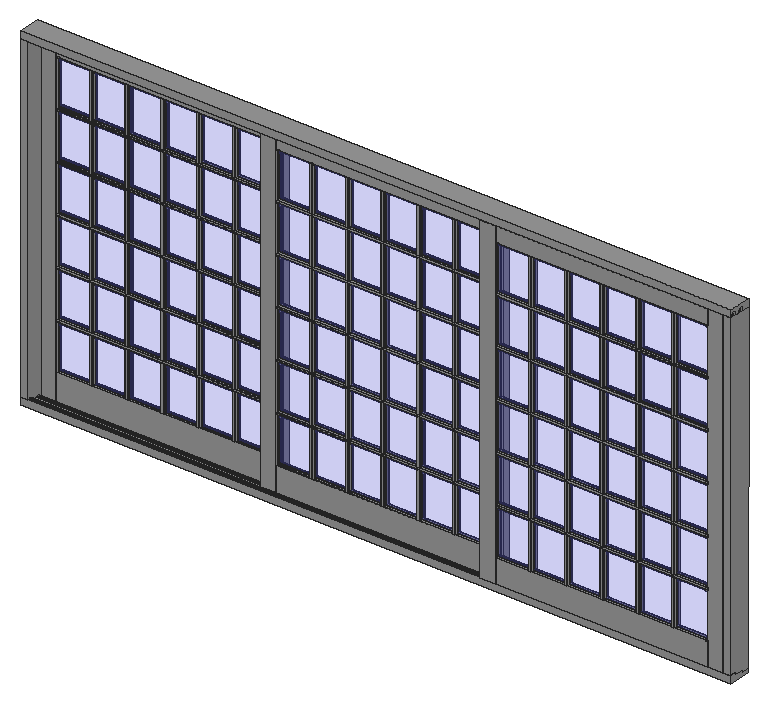
Revit family "VSD4.4SPTS LH", category Doors, host Wall, Revit 2015 (continued)
Automatic sketch dimensions
  Extrusion 59 sketch curve to Extrusion 59 sketch curve = 13 mm  (x34)
  Extrusion 59 sketch curve to Extrusion 59 sketch curve = 211.05 mm  (x12)
  plane 2 "Center (Left/Right)" to Extrusion 59 sketch curve = 6.483 mm  (x6)
  Extrusion 59 sketch curve to plane 2 "Center (Left/Right)" = 6.517 mm  (x6)
  Extrusion 59 sketch curve to Extrusion 59 sketch curve = 13.01 mm  (x6)
  Extrusion 59 sketch curve to Extrusion 59 sketch curve = 211.04 mm  (x4)
  Extrusion 59 sketch curve to Extrusion 59 sketch curve = 0.012 mm  (x4)
  Extrusion 59 sketch curve to Extrusion 59 sketch curve = 284 mm  (x7)
  Extrusion 59 sketch curve to Extrusion 59 sketch curve = 13.012 mm  (x2)
  plane 5 to Extrusion 59 sketch curve = 141 mm
  host wall to Extrusion 60 sketch curve = 6 mm
  plane 2 "Center (Left/Right)" to Extrusion 60 sketch curve = 463.583 mm
  Extrusion 60 sketch curve to Extrusion 60 sketch curve = 2 mm  (x25)
  Extrusion 60 sketch curve to Extrusion 60 sketch curve = 6.759 mm  (x9)
  Extrusion 60 sketch curve to Extrusion 60 sketch curve = 0.241 mm  (x14)
  host wall to Extrusion 60 sketch curve = 4 mm  (x9)
  Extrusion 60 sketch curve to Extrusion 60 sketch curve = 13 mm  (x4)
  Extrusion 60 sketch curve to Extrusion 60 sketch curve = 0 mm  (x4)
  Extrusion 60 sketch curve to Extrusion 60 sketch curve = 193.05 mm  (x3)
  plane 2 "Center (Left/Right)" to Extrusion 60 sketch curve = 15.483 mm
  plane 2 "Center (Left/Right)" to Extrusion 60 sketch curve = 6.724 mm
  plane 2 "Center (Left/Right)" to Extrusion 60 sketch curve = 6.483 mm
  Extrusion 60 sketch curve to plane 2 "Center (Left/Right)" = 6.517 mm  (x2)
  Extrusion 60 sketch curve to host wall = 26 mm  (x5)
  Extrusion 60 sketch curve to Extrusion 60 sketch curve = 1.197 mm  (x10)
  Sweep 61 sketch curve to plane 2 "Center (Left/Right)" = 230.567 mm
  Sweep 61 sketch curve to Sweep 61 sketch curve = 211.05 mm
  plane 5 to Sweep 61 sketch curve = 141 mm
  Sweep 61 sketch curve to Sweep 61 sketch curve = 284 mm
  Sweep 61 sketch curve to profile plane = 0 mm
  Sweep 61 sketch curve to profile plane = 0.241 mm
  Sweep 61 sketch curve to Sweep 61 sketch curve = 6.759 mm
  Sweep 61 sketch curve to Sweep 61 sketch curve = 2 mm  (x2)
  Sweep 61 sketch curve to profile plane = 132.5 mm
  Sweep 61 sketch curve to Sweep 61 sketch curve = 6 mm
  Sweep 62 sketch curve to plane 2 "Center (Left/Right)" = 6.517 mm
  Sweep 62 sketch curve to Sweep 62 sketch curve = 211.05 mm
  plane 5 to Sweep 62 sketch curve = 141 mm
  Sweep 62 sketch curve to Sweep 62 sketch curve = 284 mm
  Sweep 62 sketch curve to profile plane = 0 mm
  Sweep 62 sketch curve to profile plane = 0.241 mm
  Sweep 62 sketch curve to Sweep 62 sketch curve = 6.759 mm
  Sweep 62 sketch curve to Sweep 62 sketch curve = 2 mm  (x2)
  Sweep 62 sketch curve to profile plane = 132.5 mm
  Sweep 62 sketch curve to Sweep 62 sketch curve = 6 mm
  plane 2 "Center (Left/Right)" to Sweep 63 sketch curve = 217.533 mm
  plane 2 "Center (Left/Right)" to Sweep 63 sketch curve = 6.483 mm
  plane 5 to Sweep 63 sketch curve = 141 mm
  Sweep 63 sketch curve to Sweep 63 sketch curve = 284 mm
  Sweep 63 sketch curve to profile plane = 0 mm
  Sweep 63 sketch curve to profile plane = 0.241 mm
  Sweep 63 sketch curve to Sweep 63 sketch curve = 6.759 mm
  Sweep 63 sketch curve to Sweep 63 sketch curve = 2 mm  (x2)
  Sweep 63 sketch curve to profile plane = 132.5 mm
  Sweep 63 sketch curve to Sweep 63 sketch curve = 6 mm
  plane 2 "Center (Left/Right)" to Sweep 64 sketch curve = 441.583 mm
  Sweep 64 sketch curve to Sweep 64 sketch curve = 211.05 mm
  plane 5 to Sweep 64 sketch curve = 141 mm
  Sweep 64 sketch curve to Sweep 64 sketch curve = 284 mm
  Sweep 64 sketch curve to profile plane = 0 mm
  Sweep 64 sketch curve to profile plane = 0.241 mm
  Sweep 64 sketch curve to Sweep 64 sketch curve = 6.759 mm
  Sweep 64 sketch curve to Sweep 64 sketch curve = 2 mm  (x2)
  Sweep 64 sketch curve to profile plane = 132.5 mm
  Sweep 64 sketch curve to Sweep 64 sketch curve = 6 mm
  plane 2 "Center (Left/Right)" to Sweep 65 sketch curve = 665.633 mm
  Sweep 65 sketch curve to Sweep 65 sketch curve = 211.05 mm
  plane 5 to Sweep 65 sketch curve = 141 mm
  Sweep 65 sketch curve to Sweep 65 sketch curve = 284 mm
  Sweep 65 sketch curve to profile plane = 0 mm
  Sweep 65 sketch curve to profile plane = 0.241 mm
  Sweep 65 sketch curve to Sweep 65 sketch curve = 6.759 mm
  Sweep 65 sketch curve to Sweep 65 sketch curve = 2 mm  (x2)
  Sweep 65 sketch curve to profile plane = 132.5 mm
  Sweep 65 sketch curve to Sweep 65 sketch curve = 6 mm
  Sweep 66 sketch curve to Sweep 66 sketch curve = 211.05 mm
  plane 5 to Sweep 66 sketch curve = 438 mm
  Sweep 66 sketch curve to Sweep 66 sketch curve = 284 mm
  Sweep 66 sketch curve to profile plane = 0 mm
  Sweep 66 sketch curve to profile plane = 0.241 mm
  Sweep 66 sketch curve to Sweep 66 sketch curve = 6.759 mm
  Sweep 66 sketch curve to Sweep 66 sketch curve = 2 mm  (x2)
  Sweep 66 sketch curve to profile plane = 132.5 mm
  Sweep 66 sketch curve to Sweep 66 sketch curve = 6 mm
  host wall to Extrusion 67 sketch curve = 6 mm
  plane 2 "Center (Left/Right)" to Extrusion 67 sketch curve = 463.583 mm
  Extrusion 67 sketch curve to Extrusion 67 sketch curve = 2 mm  (x25)
  Extrusion 67 sketch curve to Extrusion 67 sketch curve = 6.759 mm  (x9)
  Extrusion 67 sketch curve to Extrusion 67 sketch curve = 0.241 mm  (x14)
  host wall to Extrusion 67 sketch curve = 4 mm  (x9)
  Extrusion 67 sketch curve to Extrusion 67 sketch curve = 13 mm  (x4)
  Extrusion 67 sketch curve to Extrusion 67 sketch curve = 0 mm  (x4)
  Extrusion 67 sketch curve to Extrusion 67 sketch curve = 193.05 mm  (x3)
  plane 2 "Center (Left/Right)" to Extrusion 67 sketch curve = 15.483 mm
  plane 2 "Center (Left/Right)" to Extrusion 67 sketch curve = 6.724 mm
  plane 2 "Center (Left/Right)" to Extrusion 67 sketch curve = 6.483 mm
  Extrusion 67 sketch curve to plane 2 "Center (Left/Right)" = 6.517 mm  (x2)
  Extrusion 67 sketch curve to host wall = 26 mm  (x5)
  Extrusion 67 sketch curve to Extrusion 67 sketch curve = 1.197 mm  (x10)
  Sweep 68 sketch curve to plane 2 "Center (Left/Right)" = 230.567 mm
  Sweep 68 sketch curve to Sweep 68 sketch curve = 211.05 mm
  plane 5 to Sweep 68 sketch curve = 438 mm
  Sweep 68 sketch curve to Sweep 68 sketch curve = 284 mm
  Sweep 68 sketch curve to profile plane = 0 mm
  Sweep 68 sketch curve to profile plane = 0.241 mm
  Sweep 68 sketch curve to Sweep 68 sketch curve = 6.759 mm
  Sweep 68 sketch curve to Sweep 68 sketch curve = 2 mm  (x2)
  Sweep 68 sketch curve to profile plane = 132.5 mm
  Sweep 68 sketch curve to Sweep 68 sketch curve = 6 mm
  Sweep 69 sketch curve to plane 2 "Center (Left/Right)" = 6.517 mm
  Sweep 69 sketch curve to Sweep 69 sketch curve = 211.05 mm
  plane 5 to Sweep 69 sketch curve = 438 mm
  Sweep 69 sketch curve to Sweep 69 sketch curve = 284 mm
  Sweep 69 sketch curve to profile plane = 0 mm
  Sweep 69 sketch curve to profile plane = 0.241 mm
  Sweep 69 sketch curve to Sweep 69 sketch curve = 6.759 mm
  Sweep 69 sketch curve to Sweep 69 sketch curve = 2 mm  (x2)
  Sweep 69 sketch curve to profile plane = 132.5 mm
  Sweep 69 sketch curve to Sweep 69 sketch curve = 6 mm
  plane 2 "Center (Left/Right)" to Sweep 70 sketch curve = 217.533 mm
  plane 2 "Center (Left/Right)" to Sweep 70 sketch curve = 6.483 mm
  plane 5 to Sweep 70 sketch curve = 438 mm
  Sweep 70 sketch curve to Sweep 70 sketch curve = 284 mm
  Sweep 70 sketch curve to profile plane = 0 mm
  Sweep 70 sketch curve to profile plane = 0.241 mm
  Sweep 70 sketch curve to Sweep 70 sketch curve = 6.759 mm
  Sweep 70 sketch curve to Sweep 70 sketch curve = 2 mm  (x2)
  Sweep 70 sketch curve to profile plane = 132.5 mm
  Sweep 70 sketch curve to Sweep 70 sketch curve = 6 mm
  plane 2 "Center (Left/Right)" to Sweep 71 sketch curve = 441.583 mm
  Sweep 71 sketch curve to Sweep 71 sketch curve = 211.05 mm
  plane 5 to Sweep 71 sketch curve = 438 mm
  Sweep 71 sketch curve to Sweep 71 sketch curve = 284 mm
  Sweep 71 sketch curve to profile plane = 0 mm
  Sweep 71 sketch curve to profile plane = 0.241 mm
  Sweep 71 sketch curve to Sweep 71 sketch curve = 6.759 mm
  Sweep 71 sketch curve to Sweep 71 sketch curve = 2 mm  (x2)
  Sweep 71 sketch curve to profile plane = 132.5 mm
  Sweep 71 sketch curve to Sweep 71 sketch curve = 6 mm
  plane 2 "Center (Left/Right)" to Sweep 72 sketch curve = 665.633 mm
  Sweep 72 sketch curve to Sweep 72 sketch curve = 211.05 mm
  plane 5 to Sweep 72 sketch curve = 438 mm
  Sweep 72 sketch curve to Sweep 72 sketch curve = 284 mm
  Sweep 72 sketch curve to profile plane = 0 mm
  Sweep 72 sketch curve to profile plane = 0.241 mm
  Sweep 72 sketch curve to Sweep 72 sketch curve = 6.759 mm
  Sweep 72 sketch curve to Sweep 72 sketch curve = 2 mm  (x2)
  Sweep 72 sketch curve to profile plane = 132.5 mm
  Sweep 72 sketch curve to Sweep 72 sketch curve = 6 mm
  Sweep 73 sketch curve to Sweep 73 sketch curve = 211.05 mm
  plane 5 to Sweep 73 sketch curve = 735 mm
  Sweep 73 sketch curve to Sweep 73 sketch curve = 284 mm
  Sweep 73 sketch curve to profile plane = 0 mm
  Sweep 73 sketch curve to profile plane = 0.241 mm
  Sweep 73 sketch curve to Sweep 73 sketch curve = 6.759 mm
  Sweep 73 sketch curve to Sweep 73 sketch curve = 2 mm  (x2)
  Sweep 73 sketch curve to profile plane = 132.5 mm
  Sweep 73 sketch curve to Sweep 73 sketch curve = 6 mm
  host wall to Extrusion 74 sketch curve = 6 mm
  plane 2 "Center (Left/Right)" to Extrusion 74 sketch curve = 463.583 mm
  Extrusion 74 sketch curve to Extrusion 74 sketch curve = 2 mm  (x25)
  Extrusion 74 sketch curve to Extrusion 74 sketch curve = 6.759 mm  (x9)
  Extrusion 74 sketch curve to Extrusion 74 sketch curve = 0.241 mm  (x14)
  host wall to Extrusion 74 sketch curve = 4 mm  (x9)
  Extrusion 74 sketch curve to Extrusion 74 sketch curve = 13 mm  (x4)
  Extrusion 74 sketch curve to Extrusion 74 sketch curve = 0 mm  (x4)
  Extrusion 74 sketch curve to Extrusion 74 sketch curve = 193.05 mm  (x3)
  plane 2 "Center (Left/Right)" to Extrusion 74 sketch curve = 15.483 mm
  plane 2 "Center (Left/Right)" to Extrusion 74 sketch curve = 6.724 mm
  plane 2 "Center (Left/Right)" to Extrusion 74 sketch curve = 6.483 mm
  Extrusion 74 sketch curve to plane 2 "Center (Left/Right)" = 6.517 mm  (x2)
  Extrusion 74 sketch curve to host wall = 26 mm  (x5)
  Extrusion 74 sketch curve to Extrusion 74 sketch curve = 1.197 mm  (x10)
  Sweep 75 sketch curve to plane 2 "Center (Left/Right)" = 230.567 mm
  Sweep 75 sketch curve to Sweep 75 sketch curve = 211.05 mm
  plane 5 to Sweep 75 sketch curve = 735 mm
  Sweep 75 sketch curve to Sweep 75 sketch curve = 284 mm
  Sweep 75 sketch curve to profile plane = 0 mm
  Sweep 75 sketch curve to profile plane = 0.241 mm
  Sweep 75 sketch curve to Sweep 75 sketch curve = 6.759 mm
  Sweep 75 sketch curve to Sweep 75 sketch curve = 2 mm  (x2)
  Sweep 75 sketch curve to profile plane = 132.5 mm
  Sweep 75 sketch curve to Sweep 75 sketch curve = 6 mm
  Sweep 76 sketch curve to plane 2 "Center (Left/Right)" = 6.517 mm
  Sweep 76 sketch curve to Sweep 76 sketch curve = 211.05 mm
  plane 5 to Sweep 76 sketch curve = 735 mm
  Sweep 76 sketch curve to Sweep 76 sketch curve = 284 mm
  Sweep 76 sketch curve to profile plane = 0 mm
  Sweep 76 sketch curve to profile plane = 0.241 mm
  Sweep 76 sketch curve to Sweep 76 sketch curve = 6.759 mm
  Sweep 76 sketch curve to Sweep 76 sketch curve = 2 mm  (x2)
  Sweep 76 sketch curve to profile plane = 132.5 mm
  Sweep 76 sketch curve to Sweep 76 sketch curve = 6 mm
  plane 2 "Center (Left/Right)" to Sweep 77 sketch curve = 217.533 mm
  plane 2 "Center (Left/Right)" to Sweep 77 sketch curve = 6.483 mm
  plane 5 to Sweep 77 sketch curve = 735 mm
  Sweep 77 sketch curve to Sweep 77 sketch curve = 284 mm
  Sweep 77 sketch curve to profile plane = 0 mm
  Sweep 77 sketch curve to profile plane = 0.241 mm
  Sweep 77 sketch curve to Sweep 77 sketch curve = 6.759 mm
  Sweep 77 sketch curve to Sweep 77 sketch curve = 2 mm  (x2)
  Sweep 77 sketch curve to profile plane = 132.5 mm
  Sweep 77 sketch curve to Sweep 77 sketch curve = 6 mm
  plane 2 "Center (Left/Right)" to Sweep 78 sketch curve = 441.583 mm
  Sweep 78 sketch curve to Sweep 78 sketch curve = 211.05 mm
  plane 5 to Sweep 78 sketch curve = 735 mm
  Sweep 78 sketch curve to Sweep 78 sketch curve = 284 mm
  Sweep 78 sketch curve to profile plane = 0 mm
  Sweep 78 sketch curve to profile plane = 0.241 mm
  Sweep 78 sketch curve to Sweep 78 sketch curve = 6.759 mm
  Sweep 78 sketch curve to Sweep 78 sketch curve = 2 mm  (x2)
  Sweep 78 sketch curve to profile plane = 132.5 mm
  Sweep 78 sketch curve to Sweep 78 sketch curve = 6 mm
  plane 2 "Center (Left/Right)" to Sweep 79 sketch curve = 665.633 mm
  Sweep 79 sketch curve to Sweep 79 sketch curve = 211.05 mm
  plane 5 to Sweep 79 sketch curve = 735 mm
  Sweep 79 sketch curve to Sweep 79 sketch curve = 284 mm
  Sweep 79 sketch curve to profile plane = 0 mm
  Sweep 79 sketch curve to profile plane = 0.241 mm
  Sweep 79 sketch curve to Sweep 79 sketch curve = 6.759 mm
  Sweep 79 sketch curve to Sweep 79 sketch curve = 2 mm  (x2)
  Sweep 79 sketch curve to profile plane = 132.5 mm
  Sweep 79 sketch curve to Sweep 79 sketch curve = 6 mm
  Sweep 80 sketch curve to Sweep 80 sketch curve = 211.05 mm
  plane 5 to Sweep 80 sketch curve = 1032 mm
  Sweep 80 sketch curve to Sweep 80 sketch curve = 284 mm
  Sweep 80 sketch curve to profile plane = 0 mm
  Sweep 80 sketch curve to profile plane = 0.241 mm
  Sweep 80 sketch curve to Sweep 80 sketch curve = 6.759 mm
  Sweep 80 sketch curve to Sweep 80 sketch curve = 2 mm  (x2)
  Sweep 80 sketch curve to profile plane = 132.5 mm
  Sweep 80 sketch curve to Sweep 80 sketch curve = 6 mm
  host wall to Extrusion 81 sketch curve = 6 mm
  plane 2 "Center (Left/Right)" to Extrusion 81 sketch curve = 463.583 mm
  Extrusion 81 sketch curve to Extrusion 81 sketch curve = 2 mm  (x25)
  Extrusion 81 sketch curve to Extrusion 81 sketch curve = 6.759 mm  (x9)
  Extrusion 81 sketch curve to Extrusion 81 sketch curve = 0.241 mm  (x14)
  host wall to Extrusion 81 sketch curve = 4 mm  (x9)
  Extrusion 81 sketch curve to Extrusion 81 sketch curve = 13 mm  (x4)
  Extrusion 81 sketch curve to Extrusion 81 sketch curve = 0 mm  (x4)
  Extrusion 81 sketch curve to Extrusion 81 sketch curve = 193.05 mm  (x3)
  plane 2 "Center (Left/Right)" to Extrusion 81 sketch curve = 15.483 mm
  plane 2 "Center (Left/Right)" to Extrusion 81 sketch curve = 6.724 mm
  plane 2 "Center (Left/Right)" to Extrusion 81 sketch curve = 6.483 mm
  Extrusion 81 sketch curve to plane 2 "Center (Left/Right)" = 6.517 mm  (x2)
  Extrusion 81 sketch curve to host wall = 26 mm  (x5)
  Extrusion 81 sketch curve to Extrusion 81 sketch curve = 1.197 mm  (x10)
  Sweep 82 sketch curve to plane 2 "Center (Left/Right)" = 230.567 mm
  Sweep 82 sketch curve to Sweep 82 sketch curve = 211.05 mm
  plane 5 to Sweep 82 sketch curve = 1032 mm
  Sweep 82 sketch curve to Sweep 82 sketch curve = 284 mm
  Sweep 82 sketch curve to profile plane = 0 mm
  Sweep 82 sketch curve to profile plane = 0.241 mm
  Sweep 82 sketch curve to Sweep 82 sketch curve = 6.759 mm
  Sweep 82 sketch curve to Sweep 82 sketch curve = 2 mm  (x2)
  Sweep 82 sketch curve to profile plane = 132.5 mm
  Sweep 82 sketch curve to Sweep 82 sketch curve = 6 mm
  Sweep 83 sketch curve to plane 2 "Center (Left/Right)" = 6.517 mm
  Sweep 83 sketch curve to Sweep 83 sketch curve = 211.05 mm
  plane 5 to Sweep 83 sketch curve = 1032 mm
  Sweep 83 sketch curve to Sweep 83 sketch curve = 284 mm
  Sweep 83 sketch curve to profile plane = 0 mm
  Sweep 83 sketch curve to profile plane = 0.241 mm
  Sweep 83 sketch curve to Sweep 83 sketch curve = 6.759 mm
  Sweep 83 sketch curve to Sweep 83 sketch curve = 2 mm  (x2)
  Sweep 83 sketch curve to profile plane = 132.5 mm
  Sweep 83 sketch curve to Sweep 83 sketch curve = 6 mm
  plane 2 "Center (Left/Right)" to Sweep 84 sketch curve = 217.533 mm
  plane 2 "Center (Left/Right)" to Sweep 84 sketch curve = 6.483 mm
  plane 5 to Sweep 84 sketch curve = 1032 mm
  Sweep 84 sketch curve to Sweep 84 sketch curve = 284 mm
  Sweep 84 sketch curve to profile plane = 0 mm
  Sweep 84 sketch curve to profile plane = 0.241 mm
  Sweep 84 sketch curve to Sweep 84 sketch curve = 6.759 mm
  Sweep 84 sketch curve to Sweep 84 sketch curve = 2 mm  (x2)
  Sweep 84 sketch curve to profile plane = 132.5 mm
  Sweep 84 sketch curve to Sweep 84 sketch curve = 6 mm
  plane 2 "Center (Left/Right)" to Sweep 85 sketch curve = 441.583 mm
  Sweep 85 sketch curve to Sweep 85 sketch curve = 211.05 mm
  plane 5 to Sweep 85 sketch curve = 1032 mm
  Sweep 85 sketch curve to Sweep 85 sketch curve = 284 mm
  Sweep 85 sketch curve to profile plane = 0 mm
  Sweep 85 sketch curve to profile plane = 0.241 mm
  Sweep 85 sketch curve to Sweep 85 sketch curve = 6.759 mm
  Sweep 85 sketch curve to Sweep 85 sketch curve = 2 mm  (x2)
  Sweep 85 sketch curve to profile plane = 132.5 mm
  Sweep 85 sketch curve to Sweep 85 sketch curve = 6 mm
  plane 2 "Center (Left/Right)" to Sweep 86 sketch curve = 665.633 mm
  Sweep 86 sketch curve to Sweep 86 sketch curve = 211.05 mm
  plane 5 to Sweep 86 sketch curve = 1032 mm
  Sweep 86 sketch curve to Sweep 86 sketch curve = 284 mm
  Sweep 86 sketch curve to profile plane = 0 mm
  Sweep 86 sketch curve to profile plane = 0.241 mm
  Sweep 86 sketch curve to Sweep 86 sketch curve = 6.759 mm
  Sweep 86 sketch curve to Sweep 86 sketch curve = 2 mm  (x2)
  Sweep 86 sketch curve to profile plane = 132.5 mm
  Sweep 86 sketch curve to Sweep 86 sketch curve = 6 mm
  Sweep 87 sketch curve to Sweep 87 sketch curve = 211.05 mm
  level to Sweep 87 sketch curve = 771 mm
  Sweep 87 sketch curve to Sweep 87 sketch curve = 284 mm
  Sweep 87 sketch curve to profile plane = 0 mm
  Sweep 87 sketch curve to profile plane = 0.241 mm
  Sweep 87 sketch curve to Sweep 87 sketch curve = 6.759 mm
  Sweep 87 sketch curve to Sweep 87 sketch curve = 2 mm  (x2)
  Sweep 87 sketch curve to profile plane = 132.5 mm
  Sweep 87 sketch curve to Sweep 87 sketch curve = 6 mm
  host wall to Extrusion 88 sketch curve = 6 mm
  plane 2 "Center (Left/Right)" to Extrusion 88 sketch curve = 463.583 mm
  Extrusion 88 sketch curve to Extrusion 88 sketch curve = 2 mm  (x25)
  Extrusion 88 sketch curve to Extrusion 88 sketch curve = 6.759 mm  (x9)
  Extrusion 88 sketch curve to Extrusion 88 sketch curve = 0.241 mm  (x14)
  host wall to Extrusion 88 sketch curve = 4 mm  (x9)
  Extrusion 88 sketch curve to Extrusion 88 sketch curve = 13 mm  (x4)
  Extrusion 88 sketch curve to Extrusion 88 sketch curve = 0 mm  (x4)
  Extrusion 88 sketch curve to Extrusion 88 sketch curve = 193.05 mm  (x3)
  plane 2 "Center (Left/Right)" to Extrusion 88 sketch curve = 15.483 mm
  plane 2 "Center (Left/Right)" to Extrusion 88 sketch curve = 6.724 mm
  plane 2 "Center (Left/Right)" to Extrusion 88 sketch curve = 6.483 mm
  Extrusion 88 sketch curve to plane 2 "Center (Left/Right)" = 6.517 mm  (x2)
  Extrusion 88 sketch curve to host wall = 26 mm  (x5)
  Extrusion 88 sketch curve to Extrusion 88 sketch curve = 1.197 mm  (x10)
  Sweep 89 sketch curve to plane 2 "Center (Left/Right)" = 230.567 mm
  Sweep 89 sketch curve to Sweep 89 sketch curve = 211.05 mm
  level to Sweep 89 sketch curve = 771 mm
  Sweep 89 sketch curve to Sweep 89 sketch curve = 284 mm
  Sweep 89 sketch curve to profile plane = 0 mm
  Sweep 89 sketch curve to profile plane = 0.241 mm
  Sweep 89 sketch curve to Sweep 89 sketch curve = 6.759 mm
  Sweep 89 sketch curve to Sweep 89 sketch curve = 2 mm  (x2)
  Sweep 89 sketch curve to profile plane = 132.5 mm
  Sweep 89 sketch curve to Sweep 89 sketch curve = 6 mm
  Sweep 90 sketch curve to plane 2 "Center (Left/Right)" = 6.517 mm
  Sweep 90 sketch curve to Sweep 90 sketch curve = 211.05 mm
  level to Sweep 90 sketch curve = 771 mm
  Sweep 90 sketch curve to Sweep 90 sketch curve = 284 mm
  Sweep 90 sketch curve to profile plane = 0 mm
  Sweep 90 sketch curve to profile plane = 0.241 mm
  Sweep 90 sketch curve to Sweep 90 sketch curve = 6.759 mm
  Sweep 90 sketch curve to Sweep 90 sketch curve = 2 mm  (x2)
  Sweep 90 sketch curve to profile plane = 132.5 mm
  Sweep 90 sketch curve to Sweep 90 sketch curve = 6 mm
  plane 2 "Center (Left/Right)" to Sweep 91 sketch curve = 217.533 mm
  plane 2 "Center (Left/Right)" to Sweep 91 sketch curve = 6.483 mm
  level to Sweep 91 sketch curve = 771 mm
  Sweep 91 sketch curve to Sweep 91 sketch curve = 284 mm
  Sweep 91 sketch curve to profile plane = 0 mm
  Sweep 91 sketch curve to profile plane = 0.241 mm
  Sweep 91 sketch curve to Sweep 91 sketch curve = 6.759 mm
  Sweep 91 sketch curve to Sweep 91 sketch curve = 2 mm  (x2)
  Sweep 91 sketch curve to profile plane = 132.5 mm
  Sweep 91 sketch curve to Sweep 91 sketch curve = 6 mm
  plane 2 "Center (Left/Right)" to Sweep 92 sketch curve = 441.583 mm
  Sweep 92 sketch curve to Sweep 92 sketch curve = 211.05 mm
  level to Sweep 92 sketch curve = 771 mm
  Sweep 92 sketch curve to Sweep 92 sketch curve = 284 mm
  Sweep 92 sketch curve to profile plane = 0 mm
  Sweep 92 sketch curve to profile plane = 0.241 mm
  Sweep 92 sketch curve to Sweep 92 sketch curve = 6.759 mm
  Sweep 92 sketch curve to Sweep 92 sketch curve = 2 mm  (x2)
  Sweep 92 sketch curve to profile plane = 132.5 mm
  Sweep 92 sketch curve to Sweep 92 sketch curve = 6 mm
  plane 2 "Center (Left/Right)" to Sweep 93 sketch curve = 665.633 mm
  Sweep 93 sketch curve to Sweep 93 sketch curve = 211.05 mm
  level to Sweep 93 sketch curve = 771 mm
  Sweep 93 sketch curve to Sweep 93 sketch curve = 284 mm
  Sweep 93 sketch curve to profile plane = 0 mm
  Sweep 93 sketch curve to profile plane = 0.241 mm
  Sweep 93 sketch curve to Sweep 93 sketch curve = 6.759 mm
  Sweep 93 sketch curve to Sweep 93 sketch curve = 2 mm  (x2)
  Sweep 93 sketch curve to profile plane = 132.5 mm
  Sweep 93 sketch curve to Sweep 93 sketch curve = 6 mm
  Sweep 94 sketch curve to Sweep 94 sketch curve = 211.05 mm
  level to Sweep 94 sketch curve = 474 mm
  level to Sweep 94 sketch curve = 190 mm
  Sweep 94 sketch curve to profile plane = 0 mm
  Sweep 94 sketch curve to profile plane = 0.241 mm
  Sweep 94 sketch curve to Sweep 94 sketch curve = 6.759 mm
  Sweep 94 sketch curve to Sweep 94 sketch curve = 2 mm  (x2)
  Sweep 94 sketch curve to profile plane = 132.5 mm
  Sweep 94 sketch curve to Sweep 94 sketch curve = 6 mm
  host wall to Extrusion 95 sketch curve = 6 mm
  plane 2 "Center (Left/Right)" to Extrusion 95 sketch curve = 463.583 mm
  Extrusion 95 sketch curve to Extrusion 95 sketch curve = 2 mm  (x25)
  Extrusion 95 sketch curve to Extrusion 95 sketch curve = 6.759 mm  (x9)
  Extrusion 95 sketch curve to Extrusion 95 sketch curve = 0.241 mm  (x14)
  host wall to Extrusion 95 sketch curve = 4 mm  (x9)
  Extrusion 95 sketch curve to Extrusion 95 sketch curve = 13 mm  (x4)
  Extrusion 95 sketch curve to Extrusion 95 sketch curve = 0 mm  (x4)
  Extrusion 95 sketch curve to Extrusion 95 sketch curve = 193.05 mm  (x3)
  plane 2 "Center (Left/Right)" to Extrusion 95 sketch curve = 15.483 mm
  plane 2 "Center (Left/Right)" to Extrusion 95 sketch curve = 6.724 mm
  plane 2 "Center (Left/Right)" to Extrusion 95 sketch curve = 6.483 mm
  Extrusion 95 sketch curve to plane 2 "Center (Left/Right)" = 6.517 mm  (x2)
  Extrusion 95 sketch curve to host wall = 26 mm  (x5)
  Extrusion 95 sketch curve to Extrusion 95 sketch curve = 1.197 mm  (x10)
  Sweep 96 sketch curve to plane 2 "Center (Left/Right)" = 230.567 mm
  Sweep 96 sketch curve to Sweep 96 sketch curve = 211.05 mm
  level to Sweep 96 sketch curve = 474 mm
  level to Sweep 96 sketch curve = 190 mm
  Sweep 96 sketch curve to profile plane = 0 mm
  Sweep 96 sketch curve to profile plane = 0.241 mm
  Sweep 96 sketch curve to Sweep 96 sketch curve = 6.759 mm
  Sweep 96 sketch curve to Sweep 96 sketch curve = 2 mm  (x2)
  Sweep 96 sketch curve to profile plane = 132.5 mm
  Sweep 96 sketch curve to Sweep 96 sketch curve = 6 mm
  Sweep 97 sketch curve to plane 2 "Center (Left/Right)" = 6.517 mm
  Sweep 97 sketch curve to Sweep 97 sketch curve = 211.05 mm
  level to Sweep 97 sketch curve = 474 mm
  level to Sweep 97 sketch curve = 190 mm
  Sweep 97 sketch curve to profile plane = 0 mm
  Sweep 97 sketch curve to profile plane = 0.241 mm
  Sweep 97 sketch curve to Sweep 97 sketch curve = 6.759 mm
  Sweep 97 sketch curve to Sweep 97 sketch curve = 2 mm  (x2)
  Sweep 97 sketch curve to profile plane = 132.5 mm
  Sweep 97 sketch curve to Sweep 97 sketch curve = 6 mm
  plane 2 "Center (Left/Right)" to Sweep 98 sketch curve = 217.533 mm
  plane 2 "Center (Left/Right)" to Sweep 98 sketch curve = 6.483 mm
  level to Sweep 98 sketch curve = 474 mm
  level to Sweep 98 sketch curve = 190 mm
  Sweep 98 sketch curve to profile plane = 0 mm
  Sweep 98 sketch curve to profile plane = 0.241 mm
  Sweep 98 sketch curve to Sweep 98 sketch curve = 6.759 mm
  Sweep 98 sketch curve to Sweep 98 sketch curve = 2 mm  (x2)
  Sweep 98 sketch curve to profile plane = 132.5 mm
  Sweep 98 sketch curve to Sweep 98 sketch curve = 6 mm
  level to Sweep 99 sketch curve = 190 mm
  plane 2 "Center (Left/Right)" to Sweep 99 sketch curve = 441.583 mm
  Sweep 99 sketch curve to Sweep 99 sketch curve = 211.05 mm
  Sweep 99 sketch curve to Sweep 99 sketch curve = 284 mm
  Sweep 99 sketch curve to profile plane = 0 mm
  Sweep 99 sketch curve to profile plane = 0.241 mm
  Sweep 99 sketch curve to Sweep 99 sketch curve = 6.759 mm
  Sweep 99 sketch curve to Sweep 99 sketch curve = 2 mm  (x2)
  Sweep 99 sketch curve to profile plane = 132.5 mm
  Sweep 99 sketch curve to Sweep 99 sketch curve = 6 mm
  level to Sweep 100 sketch curve = 190 mm
  plane 2 "Center (Left/Right)" to Sweep 100 sketch curve = 665.633 mm
  Sweep 100 sketch curve to Sweep 100 sketch curve = 211.05 mm
  Sweep 100 sketch curve to Sweep 100 sketch curve = 284 mm
  Sweep 100 sketch curve to profile plane = 0 mm
  Sweep 100 sketch curve to profile plane = 0.241 mm
  Sweep 100 sketch curve to Sweep 100 sketch curve = 6.759 mm
  Sweep 100 sketch curve to Sweep 100 sketch curve = 2 mm  (x2)
  Sweep 100 sketch curve to profile plane = 132.5 mm
  Sweep 100 sketch curve to Sweep 100 sketch curve = 6 mm
  Extrusion 101 sketch curve to host wall = 5 mm  (x7)
  Extrusion 101 sketch curve to Extrusion 101 sketch curve = 2 mm  (x28)
  Extrusion 101 sketch curve to Extrusion 101 sketch curve = 6 mm  (x12)
  Extrusion 101 sketch curve to Extrusion 101 sketch curve = 0.803 mm  (x5)
  Extrusion 101 sketch curve to Extrusion 101 sketch curve = 6.803 mm  (x7)
  Extrusion 101 sketch curve to Extrusion 101 sketch curve = 1.197 mm  (x8)
  Extrusion 101 sketch curve to Extrusion 101 sketch curve = 30 mm  (x5)
  host wall to Extrusion 101 sketch curve = 30 mm  (x2)
  plane 5 to Extrusion 101 sketch curve = 45 mm
  Extrusion 101 sketch curve to Extrusion 101 sketch curve = 96 mm
  Extrusion 101 sketch curve to Extrusion 101 sketch curve = 0 mm  (x6)
  Extrusion 101 sketch curve to Extrusion 101 sketch curve = 0.241 mm  (x12)
  Extrusion 101 sketch curve to Extrusion 101 sketch curve = 266 mm  (x5)
  Extrusion 101 sketch curve to Extrusion 101 sketch curve = 6.759 mm  (x6)
  Extrusion 101 sketch curve to Extrusion 101 sketch curve = 13 mm  (x5)
  level to Extrusion 101 sketch curve = 199 mm
  level to Extrusion 101 sketch curve = 45 mm
  Sweep 102 sketch curve to Sweep 102 sketch curve = 211.05 mm
  Sweep 102 sketch curve to Sweep 102 sketch curve = 284 mm
  Sweep 102 sketch curve to profile plane = 0 mm
  Sweep 102 sketch curve to profile plane = 0.241 mm
  Sweep 102 sketch curve to Sweep 102 sketch curve = 6.759 mm
  Sweep 102 sketch curve to Sweep 102 sketch curve = 2 mm  (x2)
  Sweep 102 sketch curve to profile plane = 132.5 mm
  Sweep 102 sketch curve to Sweep 102 sketch curve = 6 mm
  plane 4 "Right" to Extrusion 103 sketch curve = 141 mm
  Extrusion 103 sketch curve to Extrusion 103 sketch curve = 0 mm  (x58)
  Extrusion 103 sketch curve to Extrusion 103 sketch curve = 211.083 mm  (x2)
  Extrusion 103 sketch curve to Extrusion 103 sketch curve = 13 mm  (x34)
  Extrusion 103 sketch curve to Extrusion 103 sketch curve = 211.05 mm  (x16)
  Extrusion 103 sketch curve to Extrusion 103 sketch curve = 13.01 mm  (x6)
  Extrusion 103 sketch curve to Extrusion 103 sketch curve = 211.04 mm  (x4)
  plane 5 to Extrusion 103 sketch curve = 141 mm  (x2)
  Extrusion 103 sketch curve to Extrusion 103 sketch curve = 283.988 mm  (x5)
  Extrusion 103 sketch curve to Extrusion 103 sketch curve = 284 mm  (x5)
  Extrusion 103 sketch curve to Extrusion 103 sketch curve = 13.012 mm  (x5)
  Extrusion 103 sketch curve to Extrusion 103 sketch curve = 0.012 mm  (x2)
  level to Extrusion 103 sketch curve = 190.012 mm
  level to Extrusion 103 sketch curve = 190 mm  (x3)
  Extrusion 104 sketch curve to host wall = 13 mm
  plane 4 "Right" to Extrusion 104 sketch curve = 343.083 mm
  Extrusion 104 sketch curve to Extrusion 104 sketch curve = 2 mm  (x25)
  Extrusion 104 sketch curve to Extrusion 104 sketch curve = 6.759 mm  (x10)
  Extrusion 104 sketch curve to Extrusion 104 sketch curve = 0.241 mm  (x15)
  Extrusion 104 sketch curve to Extrusion 104 sketch curve = 13 mm  (x5)
  Extrusion 104 sketch curve to Extrusion 104 sketch curve = 0 mm  (x7)
  Extrusion 104 sketch curve to host wall = 15 mm  (x7)
  Extrusion 104 sketch curve to Extrusion 104 sketch curve = 193.05 mm  (x4)
  Extrusion 104 sketch curve to Extrusion 104 sketch curve = 30 mm  (x2)
  host wall to Extrusion 104 sketch curve = 30 mm  (x3)
  Extrusion 104 sketch curve to Extrusion 104 sketch curve = 1.197 mm  (x10)
  plane 5 to Sweep 105 sketch curve = 425 mm
  plane 4 "Right" to Sweep 105 sketch curve = 1037.233 mm
  Sweep 105 sketch curve to Sweep 105 sketch curve = 211.05 mm
  plane 5 to Sweep 105 sketch curve = 141 mm
  Sweep 105 sketch curve to profile plane = 0 mm
  Sweep 105 sketch curve to profile plane = 0.241 mm
  Sweep 105 sketch curve to Sweep 105 sketch curve = 6.759 mm
  Sweep 105 sketch curve to Sweep 105 sketch curve = 2 mm  (x2)
  Sweep 105 sketch curve to profile plane = 132.5 mm
  Sweep 105 sketch curve to Sweep 105 sketch curve = 6 mm
  plane 4 "Right" to Sweep 106 sketch curve = 813.183 mm
  Sweep 106 sketch curve to Sweep 106 sketch curve = 211.05 mm
  plane 5 to Sweep 106 sketch curve = 141 mm
  Sweep 106 sketch curve to Sweep 106 sketch curve = 284 mm
  Sweep 106 sketch curve to profile plane = 0 mm
  Sweep 106 sketch curve to profile plane = 0.241 mm
  Sweep 106 sketch curve to Sweep 106 sketch curve = 6.759 mm
  Sweep 106 sketch curve to Sweep 106 sketch curve = 2 mm  (x2)
  Sweep 106 sketch curve to profile plane = 132.5 mm
  Sweep 106 sketch curve to Sweep 106 sketch curve = 6 mm
  plane 4 "Right" to Sweep 107 sketch curve = 589.133 mm
  Sweep 107 sketch curve to Sweep 107 sketch curve = 211.05 mm
  plane 5 to Sweep 107 sketch curve = 141 mm
  Sweep 107 sketch curve to Sweep 107 sketch curve = 284 mm
  Sweep 107 sketch curve to profile plane = 0 mm
  Sweep 107 sketch curve to profile plane = 0.241 mm
  Sweep 107 sketch curve to Sweep 107 sketch curve = 6.759 mm
  Sweep 107 sketch curve to Sweep 107 sketch curve = 2 mm  (x2)
  Sweep 107 sketch curve to profile plane = 132.5 mm
  Sweep 107 sketch curve to Sweep 107 sketch curve = 6 mm
  plane 4 "Right" to Sweep 108 sketch curve = 365.083 mm
  Sweep 108 sketch curve to Sweep 108 sketch curve = 211.05 mm
  plane 5 to Sweep 108 sketch curve = 141 mm
  Sweep 108 sketch curve to Sweep 108 sketch curve = 284 mm
  Sweep 108 sketch curve to profile plane = 0 mm
  Sweep 108 sketch curve to profile plane = 0.241 mm
  Sweep 108 sketch curve to Sweep 108 sketch curve = 6.759 mm
  Sweep 108 sketch curve to Sweep 108 sketch curve = 2 mm  (x2)
  Sweep 108 sketch curve to profile plane = 132.5 mm
  Sweep 108 sketch curve to Sweep 108 sketch curve = 6 mm
  plane 4 "Right" to Sweep 109 sketch curve = 141.033 mm
  Sweep 109 sketch curve to Sweep 109 sketch curve = 211.05 mm
  plane 5 to Sweep 109 sketch curve = 141 mm
  Sweep 109 sketch curve to Sweep 109 sketch curve = 284 mm
  Sweep 109 sketch curve to profile plane = 0 mm
  Sweep 109 sketch curve to profile plane = 0.241 mm
  Sweep 109 sketch curve to Sweep 109 sketch curve = 6.759 mm
  Sweep 109 sketch curve to Sweep 109 sketch curve = 2 mm  (x2)
  Sweep 109 sketch curve to profile plane = 132.5 mm
  Sweep 109 sketch curve to Sweep 109 sketch curve = 6 mm
  Sweep 110 sketch curve to Sweep 110 sketch curve = 211.05 mm
  plane 5 to Sweep 110 sketch curve = 438 mm
  Sweep 110 sketch curve to Sweep 110 sketch curve = 284 mm
  Sweep 110 sketch curve to profile plane = 0 mm
  Sweep 110 sketch curve to profile plane = 0.241 mm
  Sweep 110 sketch curve to Sweep 110 sketch curve = 6.759 mm
  Sweep 110 sketch curve to Sweep 110 sketch curve = 2 mm  (x2)
  Sweep 110 sketch curve to profile plane = 132.5 mm
  Sweep 110 sketch curve to Sweep 110 sketch curve = 6 mm
  Extrusion 111 sketch curve to host wall = 13 mm
  plane 4 "Right" to Extrusion 111 sketch curve = 343.083 mm
  Extrusion 111 sketch curve to Extrusion 111 sketch curve = 2 mm  (x25)
  Extrusion 111 sketch curve to Extrusion 111 sketch curve = 6.759 mm  (x10)
  Extrusion 111 sketch curve to Extrusion 111 sketch curve = 0.241 mm  (x15)
  Extrusion 111 sketch curve to Extrusion 111 sketch curve = 13 mm  (x5)
  Extrusion 111 sketch curve to Extrusion 111 sketch curve = 0 mm  (x7)
  Extrusion 111 sketch curve to host wall = 15 mm  (x7)
  Extrusion 111 sketch curve to Extrusion 111 sketch curve = 193.05 mm  (x4)
  Extrusion 111 sketch curve to Extrusion 111 sketch curve = 30 mm  (x2)
  host wall to Extrusion 111 sketch curve = 30 mm  (x3)
  Extrusion 111 sketch curve to Extrusion 111 sketch curve = 1.197 mm  (x10)
  plane 4 "Right" to Sweep 112 sketch curve = 1037.233 mm
  Sweep 112 sketch curve to Sweep 112 sketch curve = 211.05 mm
  plane 5 to Sweep 112 sketch curve = 438 mm
  Sweep 112 sketch curve to Sweep 112 sketch curve = 284 mm
  Sweep 112 sketch curve to profile plane = 0 mm
  Sweep 112 sketch curve to profile plane = 0.241 mm
  Sweep 112 sketch curve to Sweep 112 sketch curve = 6.759 mm
  Sweep 112 sketch curve to Sweep 112 sketch curve = 2 mm  (x2)
  Sweep 112 sketch curve to profile plane = 132.5 mm
  Sweep 112 sketch curve to Sweep 112 sketch curve = 6 mm
  plane 4 "Right" to Sweep 113 sketch curve = 813.183 mm
  Sweep 113 sketch curve to Sweep 113 sketch curve = 211.05 mm
  plane 5 to Sweep 113 sketch curve = 438 mm
  Sweep 113 sketch curve to Sweep 113 sketch curve = 284 mm
  Sweep 113 sketch curve to profile plane = 0 mm
  Sweep 113 sketch curve to profile plane = 0.241 mm
  Sweep 113 sketch curve to Sweep 113 sketch curve = 6.759 mm
  Sweep 113 sketch curve to Sweep 113 sketch curve = 2 mm  (x2)
  Sweep 113 sketch curve to profile plane = 132.5 mm
  Sweep 113 sketch curve to Sweep 113 sketch curve = 6 mm
  plane 4 "Right" to Sweep 114 sketch curve = 589.133 mm
  Sweep 114 sketch curve to Sweep 114 sketch curve = 211.05 mm
  plane 5 to Sweep 114 sketch curve = 438 mm
  Sweep 114 sketch curve to Sweep 114 sketch curve = 284 mm
  Sweep 114 sketch curve to profile plane = 0 mm
  Sweep 114 sketch curve to profile plane = 0.241 mm
  Sweep 114 sketch curve to Sweep 114 sketch curve = 6.759 mm
  Sweep 114 sketch curve to Sweep 114 sketch curve = 2 mm  (x2)
  Sweep 114 sketch curve to profile plane = 132.5 mm
  Sweep 114 sketch curve to Sweep 114 sketch curve = 6 mm
  plane 4 "Right" to Sweep 115 sketch curve = 365.083 mm
  Sweep 115 sketch curve to Sweep 115 sketch curve = 211.05 mm
  plane 5 to Sweep 115 sketch curve = 438 mm
  Sweep 115 sketch curve to Sweep 115 sketch curve = 284 mm
  Sweep 115 sketch curve to profile plane = 0 mm
  Sweep 115 sketch curve to profile plane = 0.241 mm
  Sweep 115 sketch curve to Sweep 115 sketch curve = 6.759 mm
  Sweep 115 sketch curve to Sweep 115 sketch curve = 2 mm  (x2)
  Sweep 115 sketch curve to profile plane = 132.5 mm
  Sweep 115 sketch curve to Sweep 115 sketch curve = 6 mm
  plane 4 "Right" to Sweep 116 sketch curve = 141.033 mm
  Sweep 116 sketch curve to Sweep 116 sketch curve = 211.05 mm
  plane 5 to Sweep 116 sketch curve = 438 mm
  Sweep 116 sketch curve to Sweep 116 sketch curve = 284 mm
  Sweep 116 sketch curve to profile plane = 0 mm
  Sweep 116 sketch curve to profile plane = 0.241 mm
  Sweep 116 sketch curve to Sweep 116 sketch curve = 6.759 mm
  Sweep 116 sketch curve to Sweep 116 sketch curve = 2 mm  (x2)
  Sweep 116 sketch curve to profile plane = 132.5 mm
  Sweep 116 sketch curve to Sweep 116 sketch curve = 6 mm
  Sweep 117 sketch curve to Sweep 117 sketch curve = 211.05 mm
  plane 5 to Sweep 117 sketch curve = 735 mm
  Sweep 117 sketch curve to Sweep 117 sketch curve = 284 mm
  Sweep 117 sketch curve to profile plane = 0 mm
  Sweep 117 sketch curve to profile plane = 0.241 mm
  Sweep 117 sketch curve to Sweep 117 sketch curve = 6.759 mm
  Sweep 117 sketch curve to Sweep 117 sketch curve = 2 mm  (x2)
  Sweep 117 sketch curve to profile plane = 132.5 mm
  Sweep 117 sketch curve to Sweep 117 sketch curve = 6 mm
  Extrusion 118 sketch curve to host wall = 13 mm
  plane 4 "Right" to Extrusion 118 sketch curve = 343.083 mm
  Extrusion 118 sketch curve to Extrusion 118 sketch curve = 2 mm  (x25)
  Extrusion 118 sketch curve to Extrusion 118 sketch curve = 6.759 mm  (x10)
  Extrusion 118 sketch curve to Extrusion 118 sketch curve = 0.241 mm  (x15)
  Extrusion 118 sketch curve to Extrusion 118 sketch curve = 13 mm  (x5)
  Extrusion 118 sketch curve to Extrusion 118 sketch curve = 0 mm  (x7)
  Extrusion 118 sketch curve to host wall = 15 mm  (x7)
  Extrusion 118 sketch curve to Extrusion 118 sketch curve = 193.05 mm  (x4)
  Extrusion 118 sketch curve to Extrusion 118 sketch curve = 30 mm  (x2)
  host wall to Extrusion 118 sketch curve = 30 mm  (x3)
  Extrusion 118 sketch curve to Extrusion 118 sketch curve = 1.197 mm  (x10)
  plane 4 "Right" to Sweep 119 sketch curve = 1037.233 mm
  Sweep 119 sketch curve to Sweep 119 sketch curve = 211.05 mm
  plane 5 to Sweep 119 sketch curve = 735 mm
  Sweep 119 sketch curve to Sweep 119 sketch curve = 284 mm
  Sweep 119 sketch curve to profile plane = 0 mm
  Sweep 119 sketch curve to profile plane = 0.241 mm
  Sweep 119 sketch curve to Sweep 119 sketch curve = 6.759 mm
  Sweep 119 sketch curve to Sweep 119 sketch curve = 2 mm  (x2)
  Sweep 119 sketch curve to profile plane = 132.5 mm
  Sweep 119 sketch curve to Sweep 119 sketch curve = 6 mm
  plane 4 "Right" to Sweep 120 sketch curve = 813.183 mm
  Sweep 120 sketch curve to Sweep 120 sketch curve = 211.05 mm
  plane 5 to Sweep 120 sketch curve = 735 mm
  Sweep 120 sketch curve to Sweep 120 sketch curve = 284 mm
  Sweep 120 sketch curve to profile plane = 0 mm
  Sweep 120 sketch curve to profile plane = 0.241 mm
  Sweep 120 sketch curve to Sweep 120 sketch curve = 6.759 mm
  Sweep 120 sketch curve to Sweep 120 sketch curve = 2 mm  (x2)
  Sweep 120 sketch curve to profile plane = 132.5 mm
  Sweep 120 sketch curve to Sweep 120 sketch curve = 6 mm
  plane 4 "Right" to Sweep 121 sketch curve = 589.133 mm
  Sweep 121 sketch curve to Sweep 121 sketch curve = 211.05 mm
  plane 5 to Sweep 121 sketch curve = 735 mm
  Sweep 121 sketch curve to Sweep 121 sketch curve = 284 mm
  Sweep 121 sketch curve to profile plane = 0 mm
  Sweep 121 sketch curve to profile plane = 0.241 mm
  Sweep 121 sketch curve to Sweep 121 sketch curve = 6.759 mm
  Sweep 121 sketch curve to Sweep 121 sketch curve = 2 mm  (x2)
  Sweep 121 sketch curve to profile plane = 132.5 mm
  Sweep 121 sketch curve to Sweep 121 sketch curve = 6 mm
  plane 4 "Right" to Sweep 122 sketch curve = 365.083 mm
  Sweep 122 sketch curve to Sweep 122 sketch curve = 211.05 mm
  plane 5 to Sweep 122 sketch curve = 735 mm
  Sweep 122 sketch curve to Sweep 122 sketch curve = 284 mm
  Sweep 122 sketch curve to profile plane = 0 mm
  Sweep 122 sketch curve to profile plane = 0.241 mm
  Sweep 122 sketch curve to Sweep 122 sketch curve = 6.759 mm
  Sweep 122 sketch curve to Sweep 122 sketch curve = 2 mm  (x2)
  Sweep 122 sketch curve to profile plane = 132.5 mm
  Sweep 122 sketch curve to Sweep 122 sketch curve = 6 mm
  plane 4 "Right" to Sweep 123 sketch curve = 141.033 mm
  Sweep 123 sketch curve to Sweep 123 sketch curve = 211.05 mm
  plane 5 to Sweep 123 sketch curve = 735 mm
  Sweep 123 sketch curve to Sweep 123 sketch curve = 284 mm
  Sweep 123 sketch curve to profile plane = 0 mm
  Sweep 123 sketch curve to profile plane = 0.241 mm
  Sweep 123 sketch curve to Sweep 123 sketch curve = 6.759 mm
  Sweep 123 sketch curve to Sweep 123 sketch curve = 2 mm  (x2)
  Sweep 123 sketch curve to profile plane = 132.5 mm
  Sweep 123 sketch curve to Sweep 123 sketch curve = 6 mm
  Sweep 124 sketch curve to Sweep 124 sketch curve = 211.05 mm
  plane 5 to Sweep 124 sketch curve = 1032 mm
  Sweep 124 sketch curve to Sweep 124 sketch curve = 284 mm
  Sweep 124 sketch curve to profile plane = 0 mm
  Sweep 124 sketch curve to profile plane = 0.241 mm
  Sweep 124 sketch curve to Sweep 124 sketch curve = 6.759 mm
  Sweep 124 sketch curve to Sweep 124 sketch curve = 2 mm  (x2)
  Sweep 124 sketch curve to profile plane = 132.5 mm
  Sweep 124 sketch curve to Sweep 124 sketch curve = 6 mm
  Extrusion 125 sketch curve to host wall = 13 mm
  plane 4 "Right" to Extrusion 125 sketch curve = 343.083 mm
  Extrusion 125 sketch curve to Extrusion 125 sketch curve = 2 mm  (x25)
  Extrusion 125 sketch curve to Extrusion 125 sketch curve = 6.759 mm  (x10)
  Extrusion 125 sketch curve to Extrusion 125 sketch curve = 0.241 mm  (x15)
  Extrusion 125 sketch curve to Extrusion 125 sketch curve = 13 mm  (x5)
  Extrusion 125 sketch curve to Extrusion 125 sketch curve = 0 mm  (x7)
  Extrusion 125 sketch curve to host wall = 15 mm  (x7)
  Extrusion 125 sketch curve to Extrusion 125 sketch curve = 193.05 mm  (x4)
  Extrusion 125 sketch curve to Extrusion 125 sketch curve = 30 mm  (x2)
  host wall to Extrusion 125 sketch curve = 30 mm  (x3)
  Extrusion 125 sketch curve to Extrusion 125 sketch curve = 1.197 mm  (x10)
  plane 4 "Right" to Sweep 126 sketch curve = 1037.233 mm
  Sweep 126 sketch curve to Sweep 126 sketch curve = 211.05 mm
  plane 5 to Sweep 126 sketch curve = 1032 mm
  Sweep 126 sketch curve to Sweep 126 sketch curve = 284 mm
  Sweep 126 sketch curve to profile plane = 0 mm
  Sweep 126 sketch curve to profile plane = 0.241 mm
  Sweep 126 sketch curve to Sweep 126 sketch curve = 6.759 mm
  Sweep 126 sketch curve to Sweep 126 sketch curve = 2 mm  (x2)
  Sweep 126 sketch curve to profile plane = 132.5 mm
  Sweep 126 sketch curve to Sweep 126 sketch curve = 6 mm
  plane 4 "Right" to Sweep 127 sketch curve = 813.183 mm
  Sweep 127 sketch curve to Sweep 127 sketch curve = 211.05 mm
  plane 5 to Sweep 127 sketch curve = 1032 mm
  Sweep 127 sketch curve to Sweep 127 sketch curve = 284 mm
  Sweep 127 sketch curve to profile plane = 0 mm
  Sweep 127 sketch curve to profile plane = 0.241 mm
  Sweep 127 sketch curve to Sweep 127 sketch curve = 6.759 mm
  Sweep 127 sketch curve to Sweep 127 sketch curve = 2 mm  (x2)
  Sweep 127 sketch curve to profile plane = 132.5 mm
  Sweep 127 sketch curve to Sweep 127 sketch curve = 6 mm
  plane 4 "Right" to Sweep 128 sketch curve = 589.133 mm
  Sweep 128 sketch curve to Sweep 128 sketch curve = 211.05 mm
  plane 5 to Sweep 128 sketch curve = 1032 mm
  Sweep 128 sketch curve to Sweep 128 sketch curve = 284 mm
  Sweep 128 sketch curve to profile plane = 0 mm
  Sweep 128 sketch curve to profile plane = 0.241 mm
  Sweep 128 sketch curve to Sweep 128 sketch curve = 6.759 mm
  Sweep 128 sketch curve to Sweep 128 sketch curve = 2 mm  (x2)
  Sweep 128 sketch curve to profile plane = 132.5 mm
  Sweep 128 sketch curve to Sweep 128 sketch curve = 6 mm
  plane 4 "Right" to Sweep 129 sketch curve = 365.083 mm
  Sweep 129 sketch curve to Sweep 129 sketch curve = 211.05 mm
  plane 5 to Sweep 129 sketch curve = 1032 mm
  Sweep 129 sketch curve to Sweep 129 sketch curve = 284 mm
  Sweep 129 sketch curve to profile plane = 0 mm
  Sweep 129 sketch curve to profile plane = 0.241 mm
  Sweep 129 sketch curve to Sweep 129 sketch curve = 6.759 mm
  Sweep 129 sketch curve to Sweep 129 sketch curve = 2 mm  (x2)
  Sweep 129 sketch curve to profile plane = 132.5 mm
  Sweep 129 sketch curve to Sweep 129 sketch curve = 6 mm
  plane 4 "Right" to Sweep 130 sketch curve = 141.033 mm
  Sweep 130 sketch curve to Sweep 130 sketch curve = 211.05 mm
  plane 5 to Sweep 130 sketch curve = 1032 mm
  Sweep 130 sketch curve to Sweep 130 sketch curve = 284 mm
  Sweep 130 sketch curve to profile plane = 0 mm
  Sweep 130 sketch curve to profile plane = 0.241 mm
  Sweep 130 sketch curve to Sweep 130 sketch curve = 6.759 mm
  Sweep 130 sketch curve to Sweep 130 sketch curve = 2 mm  (x2)
  Sweep 130 sketch curve to profile plane = 132.5 mm
  Sweep 130 sketch curve to Sweep 130 sketch curve = 6 mm
  Sweep 131 sketch curve to Sweep 131 sketch curve = 211.05 mm
  level to Sweep 131 sketch curve = 771 mm
  Sweep 131 sketch curve to Sweep 131 sketch curve = 284 mm
  Sweep 131 sketch curve to profile plane = 0 mm
  Sweep 131 sketch curve to profile plane = 0.241 mm
  Sweep 131 sketch curve to Sweep 131 sketch curve = 6.759 mm
  Sweep 131 sketch curve to Sweep 131 sketch curve = 2 mm  (x2)
  Sweep 131 sketch curve to profile plane = 132.5 mm
  Sweep 131 sketch curve to Sweep 131 sketch curve = 6 mm
  Extrusion 132 sketch curve to host wall = 13 mm
  plane 4 "Right" to Extrusion 132 sketch curve = 343.083 mm
  Extrusion 132 sketch curve to Extrusion 132 sketch curve = 2 mm  (x25)
  Extrusion 132 sketch curve to Extrusion 132 sketch curve = 6.759 mm  (x10)
  Extrusion 132 sketch curve to Extrusion 132 sketch curve = 0.241 mm  (x15)
  Extrusion 132 sketch curve to Extrusion 132 sketch curve = 13 mm  (x5)
  Extrusion 132 sketch curve to Extrusion 132 sketch curve = 0 mm  (x7)
  Extrusion 132 sketch curve to host wall = 15 mm  (x7)
  Extrusion 132 sketch curve to Extrusion 132 sketch curve = 193.05 mm  (x4)
  Extrusion 132 sketch curve to Extrusion 132 sketch curve = 30 mm  (x2)
  host wall to Extrusion 132 sketch curve = 30 mm  (x3)
  Extrusion 132 sketch curve to Extrusion 132 sketch curve = 1.197 mm  (x10)
  level to Sweep 133 sketch curve = 487 mm
  plane 4 "Right" to Sweep 133 sketch curve = 1037.233 mm
  Sweep 133 sketch curve to Sweep 133 sketch curve = 211.05 mm
  Sweep 133 sketch curve to Sweep 133 sketch curve = 284 mm
  Sweep 133 sketch curve to profile plane = 0 mm
  Sweep 133 sketch curve to profile plane = 0.241 mm
  Sweep 133 sketch curve to Sweep 133 sketch curve = 6.759 mm
  Sweep 133 sketch curve to Sweep 133 sketch curve = 2 mm  (x2)
  Sweep 133 sketch curve to profile plane = 132.5 mm
  Sweep 133 sketch curve to Sweep 133 sketch curve = 6 mm
  plane 4 "Right" to Sweep 134 sketch curve = 813.183 mm
  Sweep 134 sketch curve to Sweep 134 sketch curve = 211.05 mm
  level to Sweep 134 sketch curve = 771 mm
  Sweep 134 sketch curve to Sweep 134 sketch curve = 284 mm
  Sweep 134 sketch curve to profile plane = 0 mm
  Sweep 134 sketch curve to profile plane = 0.241 mm
  Sweep 134 sketch curve to Sweep 134 sketch curve = 6.759 mm
  Sweep 134 sketch curve to Sweep 134 sketch curve = 2 mm  (x2)
  Sweep 134 sketch curve to profile plane = 132.5 mm
  Sweep 134 sketch curve to Sweep 134 sketch curve = 6 mm
  plane 4 "Right" to Sweep 135 sketch curve = 589.133 mm
  Sweep 135 sketch curve to Sweep 135 sketch curve = 211.05 mm
  level to Sweep 135 sketch curve = 771 mm
  Sweep 135 sketch curve to Sweep 135 sketch curve = 284 mm
  Sweep 135 sketch curve to profile plane = 0 mm
  Sweep 135 sketch curve to profile plane = 0.241 mm
  Sweep 135 sketch curve to Sweep 135 sketch curve = 6.759 mm
  Sweep 135 sketch curve to Sweep 135 sketch curve = 2 mm  (x2)
  Sweep 135 sketch curve to profile plane = 132.5 mm
  Sweep 135 sketch curve to Sweep 135 sketch curve = 6 mm
  plane 4 "Right" to Sweep 136 sketch curve = 365.083 mm
  Sweep 136 sketch curve to Sweep 136 sketch curve = 211.05 mm
  level to Sweep 136 sketch curve = 771 mm
  Sweep 136 sketch curve to Sweep 136 sketch curve = 284 mm
  Sweep 136 sketch curve to profile plane = 0 mm
  Sweep 136 sketch curve to profile plane = 0.241 mm
  Sweep 136 sketch curve to Sweep 136 sketch curve = 6.759 mm
  Sweep 136 sketch curve to Sweep 136 sketch curve = 2 mm  (x2)
  Sweep 136 sketch curve to profile plane = 132.5 mm
  Sweep 136 sketch curve to Sweep 136 sketch curve = 6 mm
  plane 4 "Right" to Sweep 137 sketch curve = 141.033 mm
  Sweep 137 sketch curve to Sweep 137 sketch curve = 211.05 mm
  level to Sweep 137 sketch curve = 771 mm
  Sweep 137 sketch curve to Sweep 137 sketch curve = 284 mm
  Sweep 137 sketch curve to profile plane = 0 mm
  Sweep 137 sketch curve to profile plane = 0.241 mm
  Sweep 137 sketch curve to Sweep 137 sketch curve = 6.759 mm
  Sweep 137 sketch curve to Sweep 137 sketch curve = 2 mm  (x2)
  Sweep 137 sketch curve to profile plane = 132.5 mm
  Sweep 137 sketch curve to Sweep 137 sketch curve = 6 mm
  Sweep 138 sketch curve to Sweep 138 sketch curve = 211.05 mm
  level to Sweep 138 sketch curve = 474 mm
  level to Sweep 138 sketch curve = 190 mm
  Sweep 138 sketch curve to profile plane = 0 mm
  Sweep 138 sketch curve to profile plane = 0.241 mm
  Sweep 138 sketch curve to Sweep 138 sketch curve = 6.759 mm
  Sweep 138 sketch curve to Sweep 138 sketch curve = 2 mm  (x2)
  Sweep 138 sketch curve to profile plane = 132.5 mm
  Sweep 138 sketch curve to Sweep 138 sketch curve = 6 mm
  Extrusion 139 sketch curve to host wall = 13 mm
  plane 4 "Right" to Extrusion 139 sketch curve = 343.083 mm
  Extrusion 139 sketch curve to Extrusion 139 sketch curve = 2 mm  (x25)
  Extrusion 139 sketch curve to Extrusion 139 sketch curve = 6.759 mm  (x10)
  Extrusion 139 sketch curve to Extrusion 139 sketch curve = 0.241 mm  (x15)
  Extrusion 139 sketch curve to Extrusion 139 sketch curve = 13 mm  (x5)
  Extrusion 139 sketch curve to Extrusion 139 sketch curve = 0 mm  (x7)
  Extrusion 139 sketch curve to host wall = 15 mm  (x7)
  Extrusion 139 sketch curve to Extrusion 139 sketch curve = 193.05 mm  (x4)
  Extrusion 139 sketch curve to Extrusion 139 sketch curve = 30 mm  (x2)
  host wall to Extrusion 139 sketch curve = 30 mm  (x3)
  Extrusion 139 sketch curve to Extrusion 139 sketch curve = 1.197 mm  (x10)
  level to Sweep 140 sketch curve = 190 mm
  plane 4 "Right" to Sweep 140 sketch curve = 1037.233 mm
  Sweep 140 sketch curve to Sweep 140 sketch curve = 211.05 mm
  Sweep 140 sketch curve to Sweep 140 sketch curve = 284 mm
  Sweep 140 sketch curve to profile plane = 0 mm
  Sweep 140 sketch curve to profile plane = 0.241 mm
  Sweep 140 sketch curve to Sweep 140 sketch curve = 6.759 mm
  Sweep 140 sketch curve to Sweep 140 sketch curve = 2 mm  (x2)
  Sweep 140 sketch curve to profile plane = 132.5 mm
  Sweep 140 sketch curve to Sweep 140 sketch curve = 6 mm
  level to Sweep 141 sketch curve = 190 mm
  plane 4 "Right" to Sweep 141 sketch curve = 813.183 mm
  Sweep 141 sketch curve to Sweep 141 sketch curve = 211.05 mm
  Sweep 141 sketch curve to Sweep 141 sketch curve = 284 mm
  Sweep 141 sketch curve to profile plane = 0 mm
  Sweep 141 sketch curve to profile plane = 0.241 mm
  Sweep 141 sketch curve to Sweep 141 sketch curve = 6.759 mm
  Sweep 141 sketch curve to Sweep 141 sketch curve = 2 mm  (x2)
  Sweep 141 sketch curve to profile plane = 132.5 mm
  Sweep 141 sketch curve to Sweep 141 sketch curve = 6 mm
  level to Sweep 142 sketch curve = 190 mm
  plane 4 "Right" to Sweep 142 sketch curve = 589.133 mm
  Sweep 142 sketch curve to Sweep 142 sketch curve = 211.05 mm
  Sweep 142 sketch curve to Sweep 142 sketch curve = 284 mm
  Sweep 142 sketch curve to profile plane = 0 mm
  Sweep 142 sketch curve to profile plane = 0.241 mm
  Sweep 142 sketch curve to Sweep 142 sketch curve = 6.759 mm
  Sweep 142 sketch curve to Sweep 142 sketch curve = 2 mm  (x2)
  Sweep 142 sketch curve to profile plane = 132.5 mm
  Sweep 142 sketch curve to Sweep 142 sketch curve = 6 mm
  plane 4 "Right" to Sweep 143 sketch curve = 365.083 mm
  Sweep 143 sketch curve to Sweep 143 sketch curve = 211.05 mm
  level to Sweep 143 sketch curve = 474 mm
  level to Sweep 143 sketch curve = 190 mm
  Sweep 143 sketch curve to profile plane = 0 mm
  Sweep 143 sketch curve to profile plane = 0.241 mm
  Sweep 143 sketch curve to Sweep 143 sketch curve = 6.759 mm
  Sweep 143 sketch curve to Sweep 143 sketch curve = 2 mm  (x2)
  Sweep 143 sketch curve to profile plane = 132.5 mm
  Sweep 143 sketch curve to Sweep 143 sketch curve = 6 mm
  plane 4 "Right" to Sweep 144 sketch curve = 141.033 mm
  Sweep 144 sketch curve to Sweep 144 sketch curve = 211.05 mm
  level to Sweep 144 sketch curve = 474 mm
  level to Sweep 144 sketch curve = 190 mm
  Sweep 144 sketch curve to profile plane = 0 mm
  Sweep 144 sketch curve to profile plane = 0.241 mm
  Sweep 144 sketch curve to Sweep 144 sketch curve = 6.759 mm
  Sweep 144 sketch curve to Sweep 144 sketch curve = 2 mm  (x2)
  Sweep 144 sketch curve to profile plane = 132.5 mm
  Sweep 144 sketch curve to Sweep 144 sketch curve = 6 mm
